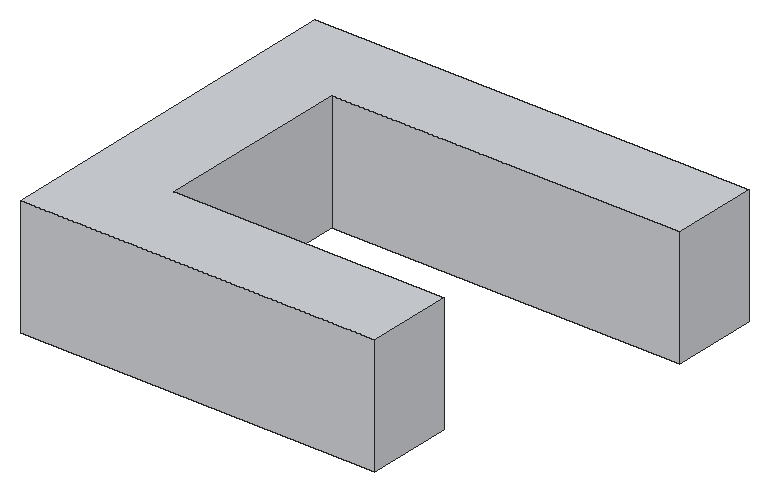
Revit family "LE Kitchen U-Shaped", category Furniture, Revit 2018
Family settings
  OmniClass Number = 23.40.20.00
  OmniClass Title = General Furniture and Specialties
  Work Plane-Based = No
  Always vertical = Yes
  Cut with Voids When Loaded = No
  Shared = No
  Room Calculation Point = No
Parameters (values of type "650x600m Casework")
  Width C [instance] = 2800 mm
  Width B [instance] = 2700 mm
  Width [instance] = 3300 mm
  Unit Width = 600 mm
  Unit Count C [instance] = rounddown(Interior Width / Unit Width)  # 2
  Unit Count B [instance] = rounddown((Width B - End Offset) / Unit Width)  # 3
  URL = "https://studiole.uk"
  Total Unit Count [instance] = Unit Count + Unit Count B + Unit Count C  # 9
  Manufacturer = "LE"
  Line Count C [instance] = Unit Count C + 1  # 3
  Line Count B [instance] = Unit Count B + 1  # 4
  Line Count [instance] = Unit Count + 1  # 5
  End Offset C [instance] = (((Interior Width / Unit Width) - Unit Count C) * Unit Width) / 2  # 150 mm
  End Offset = 750 mm
  Depth = 650 mm
  Height = 900 mm
  Circulation [instance] = yes
  Circulation Space = 750 mm
  Frame Material = none
  Unit Count [instance] = rounddown((Width - End Offset) / Unit Width)  # 4
  Interior Width [instance] = Width C - (2 * Depth)  # 1500 mm
Reference planes
  plane 1 "Center (Front/Back)": y = 0
  plane 2: z = 0
  plane 3 "Center (Left/Right)": x = 0
  plane 4 "Left": x = -1650
  plane 5 "Right": x = 1650
  plane 6 "Front": y = -325
  plane 7 "Back": y = 325
  plane 8 "Height": z = 900
  plane 9 "End Offset": x = -900
  plane 10 "Right B": x = 1050
  plane 11 "True Centre (Front/Back)": y = -1075
  plane 12 "Front B": y = -1825
  plane 13 "Back B": y = -2475
  plane 14 "Back C": x = -1000
  plane 15 "End Offset C": y = -475
Forms (mm)
  Extrusion 1, solid, material <- "Frame Material"
    sketch origin (0, 0, 0) x (1, 0, 0) y (0, 1, 0)
      loop
        line (-1650, 325) -> (-1650, -2475) -> (1050, -2475) -> (1050, -1825) -> (-1000, -1825) -> (-1000, -325) -> (1650, -325) -> (1650, 325) -> (-1650, 325)
    from 0 to 900 <- "Height"
Lines and regions (mm)
  model lines, style "FurnitureHiddenLines"
    curve 1: line (-900, 325, 900) -> (-900, -325, 900)
    curve 2: line (-300, 325, 900) -> (-300, -325, 900)
    curve 3: line (300, 325, 900) -> (300, -325, 900)
    curve 4: line (900, 325, 900) -> (900, -325, 900)
    curve 5: line (1500, 325, 900) -> (1500, -325, 900)
    curve 6: line (-900, -1825, 900) -> (-900, -2475, 900)
    curve 7: line (-1650, -475, 900) -> (-1000, -475, 900)
    curve 8: line (-1650, -1075, 900) -> (-1000, -1075, 900)
    curve 9: line (-300, -1825, 900) -> (-300, -2475, 900)
    curve 10: line (300, -1825, 900) -> (300, -2475, 900)
    curve 11: line (-1650, -1675, 900) -> (-1000, -1675, 900)
    curve 12: line (900, -1825, 900) -> (900, -2475, 900)
Dimensions and locks
  "Depth": plane 7 "Back" to plane 6 "Front"
  equal spacing: plane 7 "Back", plane 1 "Center (Front/Back)", plane 6 "Front"
  "Width": plane 4 "Left" to plane 5 "Right"
  equal spacing: plane 4 "Left", plane 3 "Center (Left/Right)", plane 5 "Right"
  "Height": plane 8 "Height" to plane 2
  "End Offset": plane 4 "Left" to plane 9 "End Offset"
  "End Offset": plane 4 "Left" to curve 1
  equal spacing: group 1, group 2, group 3, group 4, group 5  (x3)
  "Unit Width": curve 2 to curve 1
  equal spacing: plane 6 "Front", plane 11 "True Centre (Front/Back)", plane 12 "Front B"
  "End Offset": plane 4 "Left" to curve 6
  "Width B": plane 4 "Left" to plane 10 "Right B"
  "Depth": plane 4 "Left" to plane 14 "Back C"
  "Depth": plane 13 "Back B" to plane 12 "Front B"
  "Width C": plane 13 "Back B" to plane 7 "Back"
  "End Offset C": plane 6 "Front" to plane 15 "End Offset C"
  "End Offset C": curve 7 to plane 6 "Front"
  equal spacing: group 6, group 7, group 11  (x2)
  equal spacing: group 11, group 7, group 6
  "Unit Width": curve 7 to curve 8
  locked: curve 7 to plane 14 "Back C"
  plane 4 "Left" to curve 7 = 0 mm
  locked: curve 1 to Extrusion 1 at 0
  locked: curve 6 to plane 12 "Front B" at 0
  equal spacing: group 8, group 9, group 10, group 12  (x3)
  "Unit Width": curve 9 to curve 6
  locked: curve 9 to plane 12 "Front B" at 0
  locked: curve 8 to plane 14 "Back C" at 0
  aligned and locked: level to plane 2
Automatic sketch dimensions
  curve 3 to curve 3 = 650 mm
  curve 1 to curve 1 = 650 mm
  curve 2 to curve 2 = 650 mm
  curve 4 to curve 4 = 650 mm
  curve 5 to curve 5 = 650 mm
  Extrusion 1 sketch curve to plane 5 "Right" = 0 mm
  plane 7 "Back" to Extrusion 1 sketch curve = 0 mm
  Extrusion 1 sketch curve to plane 10 "Right B" = 0 mm
  Extrusion 1 sketch curve to plane 13 "Back B" = 0 mm
  Extrusion 1 sketch curve to plane 12 "Front B" = 0 mm
  Extrusion 1 sketch curve to plane 6 "Front" = 0 mm
  Extrusion 1 sketch curve to plane 14 "Back C" = 0 mm
  Extrusion 1 sketch curve to plane 4 "Left" = 0 mm
  curve 6 to curve 6 = 650 mm
